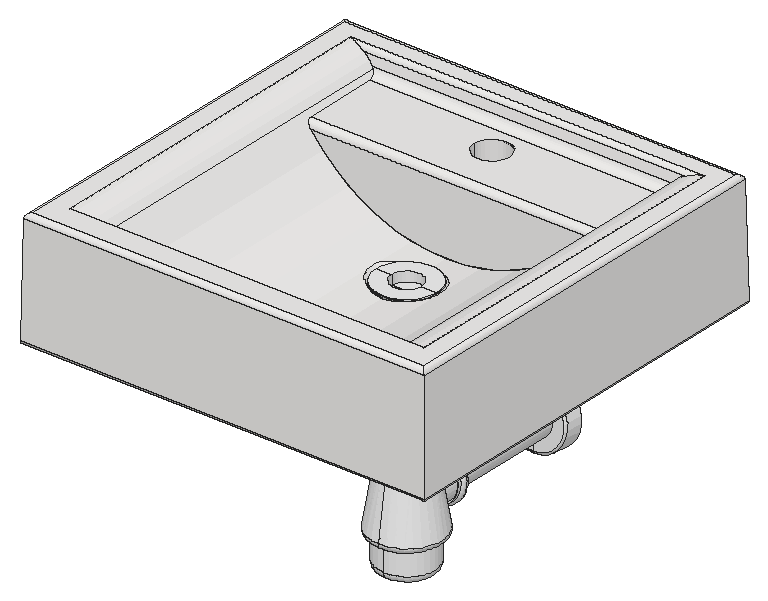
Revit family "-Incepa_Ocean_Cuba de Apoio com mesa para metal Pacific_63068", category Plumbing Fixtures, Revit 2014
Parameters (values of type "01 - Branco")
  WFU = 2
  Type Comments = ""
  Raio Ponto de Esgoto = 20 mm
  Place on face [instance] = no
  Outros Complementos [instance] = "Sifão para lavatório 1\"x1.1⁄2\" com tubo de 300 mm (B5816C5CRB) + Válvula de escoamento para lavatório, 1\" sem ladrão com tampa plástica (B5828C5CR3), linha Complementos - Metais Celite"
  Louças [instance] = Incepa - Louça_Branca
  Incepa: Versão = "Autodesk Revit MEP 2014"  # constant formula
  Incepa: Vazão de Esgoto [instance] = 0.0 L/s
  Incepa: Tipo = "Cubas"  # constant formula
  Incepa: Produto = "Louças"  # constant formula
  Incepa: Norma = "ABNT NBR 15097-1: 2011 - Requisitos e métodos de ensaio"
  Incepa: Link do Produto = "http://www.banheirosincepa.com.br/pt/produtos/445/"
  Incepa: Linha = "Ocean"  # constant formula
  Incepa: Informações Técnicas [instance] = "N/A"
  Incepa: Informações Gerais [instance] = "N/A"
  Incepa: Fabricante = "Incepa"  # constant formula
  Incepa: Desenho Técnico = "N/A"
  Incepa: Descrição = "Cuba de apoio com mesa para metal Pacific cor branca (63068), 400 x 400 mm, linha Ocean - Louças Incepa"
  Incepa: Código = "63068"
  Incepa: Cores Disponíveis = "Branco"
  Incepa: Copyright © = "© 2015 Incepa"  # constant formula
  Incepa: Complementos [instance] = if(Complemento, Outros Complementos, "N/A")  # "Sifão para lavatório 1\"x1.1⁄2\" com tubo de 300 mm (B5816C5CRB) + Válvula de escoamento para lavatório, 1\" sem ladrão com tampa plástica (B5828C5CR3), linha Complementos - Metais Celite"
  Incepa: Categoria = "Cubas e Lavatórios"  # constant formula
  Incepa: Altura da torneira [instance] = Elevação somente no plano  # 662 mm
  Incepa: Altura da Peça [instance] = Elevação somente no plano  # 662 mm
  Incepa: Altura Ponto de Esgoto [instance] = Altura Ponto de Esgoto  # 500 mm
  Desnível Aux. Ponto de Esgoto [instance] = 100 mm
  HWFU = 0
  Diâmetro Ponto de Esgoto = Raio Ponto de Esgoto * 2  # 40 mm
  Distância Parede/Face [instance] = 0 mm
  Tipo de Sifão [instance] = Celite_Complementos_Sifão de Uso Geral : Sifão para lavatório - B5816C5CRB
  Complemento [instance] = yes
  URL = "http://www.banheirosincepa.com.br/pt"
  Selo de Qualidade ofcdesk = "Standard"  # constant formula
  Model = Incepa: Código  # "63068"
  Metais [instance] = Celite - Cromado
  Manufacturer = Incepa: Fabricante  # "Incepa"
  Elevação somente no plano [instance] = 662 mm
  Description = Incepa: Descrição  # "Cuba de apoio com mesa para metal Pacific cor branca (63068), 400 x 400 mm, linha Ocean - Louças Incepa"
  Default Elevation = 0 mm
  Desenvolvido por = "ofcdesk"  # constant formula
  Com Válvula (quantificável) [instance] = yes
  Com Sifão (quantificável) [instance] = yes
  CWFU = 0
  Assembly Code = "D2010400"
  Desnível Ponto de Esgoto [instance] = if(not(Place on face), Elevação somente no plano - Altura Ponto de Esgoto, Desnível Aux. Ponto de Esgoto)  # 162 mm
  Altura Ponto de Esgoto [instance] = 500 mm
Reference planes
  plane 1 "Center (Front/Back)": y = 0
  plane 2: z = 0
  plane 3 "Center (Left/Right)": x = 0
  plane 4: z = 662
  plane 5: z = 500
  plane 6: y = -66.928
  plane 7: y = 0
  plane 8: z = 624.793
  plane 9: y = -172.231
  plane 10: z = 616.5
  plane 11: z = 687
Dimensions and locks
  "Elevação somente no plano": plane 4 to plane 2
  "Desnível Ponto de Esgoto": plane 4 to plane 5
  plane 11 to plane 4 to plane 8 = 25 mm locked, 37.207 mm locked
  plane 7 to plane 6 to plane 9 = 66.928 mm locked, 105.303 mm locked
  "Distância Parede/Face": plane 1 "Center (Front/Back)" to plane 7
  locked: plane 8 to plane 10 at 8.293
  aligned and locked: level to plane 2
  aligned and locked: plane 1 "Center (Front/Back)" to nested 3
  aligned and locked: plane 5 to nested 3
  aligned and locked: plane 8 to nested 3
  aligned and locked: plane 9 to nested 3
  aligned and locked: nested 2 to plane 9
  aligned and locked: plane 3 "Center (Left/Right)" to nested 2
  aligned and locked: nested 1 to plane 7
Nested families
  nested 1: "63068" at (0, 0, 662), Louças <- "Louças", type "63068"
  nested 2: "Celite_Complementos_Válvula de Escoamento" at (0, -172.231, 687), Metais <- "Metais", visible <- "Com Válvula (quantificável)", type "Válvula de escoamento para lavatório - B5828C5CR3"
    with Raio2 30 mm, Raio1 16 mm, Raio furo 15 mm, Metais Celite - Cromado, L/Rosca 54.856 mm, Comprimento 70.5 mm, Celite: Norma "ABNT NBR 15423:2006 - Requisitos e métodos de ensaio"
  nested 3: "Celite_Complementos_Sifão de Uso Geral" at (0, 0, 500), visible <- "Com Sifão (quantificável)", Metais <- "Metais", Celite: Vazão de Projeto <- "Incepa: Vazão de Esgoto", type "Sifão para lavatório - B5816C5CRB"
    with Raio1 16 mm, Metais Celite - Cromado, Elevação 0 mm, Celite: Vazão de Projeto 0.0 L/s, Celite: Informações Técnicas "N/A", Celite: Informações Gerais "N/A", Celite: Altura da Peça 0 mm, Ajuste Vetical no Lavatório 124.793 mm, Afastamento da Parede 172.231 mm
Connectors
  piping at (0, -14.131, 500), diameter 40, driven by "Raio Ponto de Esgoto", driven by "Incepa: Vazão de Esgoto", driven by "WFU"
    settings: on nested 3, index 1, connector inside diameter 609.6 mm, connector length 0 mm, flow factor 0, pipe flow 0.0 L/s, pressure drop 0.0 kPa, fitting loss kfactor 0, connector angle 0.00°, fixture units 2, engagement length 0 mm, angle of deflection 0.00°, flow configuration 3, flow direction 2, fitting loss method 0, system type 16, joint type 0, gender type 0, connector reference index -1, connector utility 0, adjustable connector no, is connector primary yes, connector description ""
Definition of nested family "63068"
  Parameters (values of type "63068")
    WFU = 0
    Type Comments = ""
    Profundidade = 400 mm
    Largura = 400 mm
    HWFU = 0
    URL = "http://www.incepa.com.br"
    Selo de Qualidade ofcdesk = "Standard"  # constant formula
    Model = ""
    Manufacturer = "Incepa"
    Louças [instance] = Incepa - Louça_Branca
    Description = ""
    Default Elevation = 0 mm
    Desenvolvido por = "ofcdesk"  # constant formula
    CWFU = 0
    Assembly Code = ""
  Reference planes
    plane 1 "Back": y = 0
    plane 2: z = 0
    plane 3 "Center (Left/Right)": x = 0
    plane 4 "Top": z = 115
    plane 5: y = -400
    plane 6: x = -200
    plane 7: x = 200
    plane 8: y = -172.231
    plane 9: y = -66.928
  Forms (mm)
    Sweep 1, solid, material "Incepa - Louça_Branca" <- "Louças"
      path origin (0, 0, 0) x (1, 0, 0) y (0, 1, 0)
        loop
          line (-200, 0) -> (-200, -400) -> (200, -400) -> (200, 0) -> (-200, 0)
      profile origin (-200, -200, 0) x (1, 0, 0) y (0, 0, 1)
        loop
          line (1.966, 0) -> (30, 0) -> (30, 115) -> (6.885, 115)
          arc (6.885, 115) -> (3.38, 113.565) -> (1.886, 110.084) r 5
          line (1.886, 110.084) -> (0.067, 1.965)
          arc (0.067, 1.965) -> (0.6, 0.58) -> (1.966, 0) r 1.9
    Extrusion 2, solid, material "Incepa - Louça_Branca" <- "Louças"
      sketch origin (0, 0, 0) x (1, 0, 0) y (0, 1, 0)
        loop
          line (-170, -370) -> (170, -370) -> (170, -30) -> (-170, -30) -> (-170, -370)
      from 0 to 115
    Extrusion 3, void
      sketch origin (0, 0, 0) x (1, 0, 0) y (0, 0, 1)
        loop
          line (-200, 115) -> (-175.333, 115)
          arc (-175.333, 115) -> (-159.188, 111.054) -> (-146.683, 100.105) r 35
          arc (-146.683, 100.105) -> (0, 23.844) -> (146.683, 100.105) r 179.199
          arc (146.683, 100.105) -> (159.188, 111.054) -> (175.333, 115) r 35
          line (175.333, 115) -> (200, 115) -> (200, 155) -> (-200, 155) -> (-200, 115)
      from 22.469 to 369.845
    Revolve 4, void
      sketch origin (0, -36.198, 0) x (0, 1, 0) y (0, 0, 1)
        loop
          line (-157.211, 14.057) -> (-157.211, -3.756) -> (-136.034, -3.756) -> (-136.034, 38.203) -> (-181.358, 38.203) -> (-157.211, 14.057)
        axis (-136.034, -3.756) -> (-136.034, 38.203)
      angle from 0 to 360
    Extrusion 5, solid, material "Incepa - Louça_Branca" <- "Louças"
      sketch origin (0, 0, 0) x (0, 1, 0) y (0, 0, 1)
        loop
          arc (-112.689, 95) -> (-117.125, 93.251) -> (-119.173, 88.944) r 6.5
          line (-119.173, 88.944) -> (-124.509, 11) -> (-15, 11) -> (-15, 115) -> (-22.676, 115)
          arc (-22.676, 115) -> (-26.084, 113.843) -> (-28.084, 110.851) r 5.598
          line (-28.084, 110.851) -> (-30.429, 102.096)
          arc (-30.429, 102.096) -> (-33.849, 96.979) -> (-39.678, 95) r 9.574
          line (-39.678, 95) -> (-112.689, 95)
      from -185 to 185
    Extrusion 6, void
      sketch origin (0, 0, 0) x (1, 0, 0) y (0, 1, 0)
        loop
          circle (0, -66.928) r 17.5
      from 61.422 to 142.625
  Cuts and joins
    Extrusion 3, Revolve 4, Extrusion 6 cuts Sweep 1
    Extrusion 3, Revolve 4, Extrusion 6 cuts Extrusion 2
    Extrusion 6 cuts Extrusion 5
    joined: Sweep 1, Extrusion 2, Extrusion 5
  Dimensions and locks
    plane 4 "Top" to plane 2 = 115 mm  (x2)
    "Largura": plane 6 to plane 7
    "Profundidade": plane 5 to plane 1 "Back"
    equal spacing: plane 6, plane 3 "Center (Left/Right)", plane 7
    plane 1 "Back" to Revolve 4 sketch curve to Revolve 4 sketch curve to Revolve 4 sketch curve = 172.231 mm, 21.178 mm locked, 24.146 mm locked
    aligned and locked: plane 2 to level
    aligned and locked: Sweep 1 sketch curve to plane 6
    aligned and locked: Sweep 1 sketch curve to plane 7
    aligned and locked: Sweep 1 sketch curve to plane 1 "Back"
    aligned and locked: Sweep 1 sketch curve to plane 5
    aligned and locked: Extrusion 2 sketch curve to Sweep 1  (x4)
    aligned and locked: plane 4 "Top" to Extrusion 2
    aligned and locked: plane 4 "Top" to Sweep 1 sketch curve
    aligned and locked: plane 3 "Center (Left/Right)" to Extrusion 6 sketch curve
  Automatic sketch dimensions
    level to Revolve 4 sketch curve = 38.203 mm
    level to Revolve 4 sketch curve = 14.057 mm
    Revolve 4 sketch curve to level = 3.756 mm
    Revolve 4 sketch curve to Revolve 4 sketch curve = 0 mm  (x2)
    Revolve 4 sketch curve to Revolve 4 sketch curve = 18.011 mm
    Sweep 1 sketch curve to level = 0 mm
    Sweep 1 sketch curve to profile plane = 0.067 mm
    Sweep 1 sketch curve to profile plane = 1.886 mm
    Sweep 1 sketch curve to Sweep 1 sketch curve = 1.899 mm
    Sweep 1 sketch curve to Sweep 1 sketch curve = 4.999 mm
    Sweep 1 sketch curve to Sweep 1 sketch curve = 23.115 mm
    level to Sweep 1 sketch curve = 1.9 mm
    Sweep 1 sketch curve to Sweep 1 sketch curve = 5 mm
    Extrusion 3 sketch curve to plane 4 "Top" = 0 mm  (x2)
    Extrusion 3 sketch curve to plane 6 = 0 mm
    Extrusion 3 sketch curve to plane 3 "Center (Left/Right)" = 0 mm
    plane 6 to Extrusion 3 sketch curve = 24.667 mm
    Extrusion 3 sketch curve to plane 7 = 24.667 mm
    Extrusion 3 sketch curve to Extrusion 3 sketch curve = 35 mm  (x2)
    Extrusion 3 sketch curve to Extrusion 3 sketch curve = 40 mm
    plane 4 "Top" to Extrusion 3 sketch curve = 88.043 mm
    Extrusion 3 sketch curve to Extrusion 3 sketch curve = 0 mm
    plane 7 to Extrusion 3 sketch curve = 0 mm
    Extrusion 5 sketch curve to plane 4 "Top" = 0 mm
    level to Extrusion 5 sketch curve = 11 mm
    plane 1 "Back" to Extrusion 5 sketch curve = 124.509 mm
    Extrusion 5 sketch curve to plane 4 "Top" = 26.056 mm
    Extrusion 5 sketch curve to Extrusion 5 sketch curve = 5.335 mm
    Extrusion 5 sketch curve to Extrusion 5 sketch curve = 6.485 mm
    plane 1 "Back" to Extrusion 5 sketch curve = 39.678 mm
    Extrusion 5 sketch curve to plane 4 "Top" = 12.904 mm
    Extrusion 5 sketch curve to Extrusion 5 sketch curve = 9.248 mm
    Extrusion 5 sketch curve to plane 4 "Top" = 4.149 mm
    Extrusion 5 sketch curve to Extrusion 5 sketch curve = 2.346 mm
    Extrusion 5 sketch curve to plane 4 "Top" = 5.598 mm
    Extrusion 5 sketch curve to Extrusion 5 sketch curve = 7.676 mm
    Extrusion 5 sketch curve to Extrusion 5 sketch curve = 0.444 mm
    plane 1 "Back" to Extrusion 6 sketch curve = 66.928 mm
    radius of Extrusion 6 sketch curve = 17.5 mm
Definition of nested family "Celite_Complementos_Válvula de Escoamento"
  Parameters (values of type "Válvula de escoamento para lavatório - B5828C5CR3")
    Waste Connection = 1 = 0  # no
    WFU = 0  # constant formula
    Vent Connection = 1 = 0  # no
    URL = "http://www.celite.com.br"
    Selo de Qualidade ofcdesk = "Standard"  # constant formula
    Raio1 [instance] = 16 mm
    Raio2 [instance] = 30 mm
    Raio furo [instance] = 15 mm
    Model = Celite: Código  # "B5828C5CR3"
    Metais [instance] = Celite - Cromado
    Manufacturer = Celite: Fabricante  # "Celite"
    L/Rosca [instance] = 59.5 mm
    HWFU = 0  # constant formula
    HW Connection = 1 = 0  # no
    Desenvolvido por = "ofcdesk"  # constant formula
    Description = Celite: Descrição  # "Válvula de escoamento para lavatório, 1\" sem ladrão com tampa plástica (B5828C5CR3), Complementos - Metais Celite"
    Default Elevation = 0 mm
    Comprimento [instance] = 70.5 mm
    Celite: Versão = "Autodesk Revit MEP 2014"  # constant formula
    Celite: Tipo = "Válvulas de escoamento"  # constant formula
    Celite: Produto = "Metais"  # constant formula
    Celite: Norma [instance] = "ABNT NBR 15423:2006 - Requisitos e métodos de ensaio"
    Celite: Link do Produto = "http://www.celite.com.br/pt/produtos/categoria/2/tipo/10/subtipo/19/"
    Celite: Linha = "Válvulas"  # constant formula
    Celite: Informações Técnicas = "N/A"
    Celite: Informações Gerais = "N/A"
    Celite: Fabricante = "Celite"  # constant formula
    Celite: Desenho Técnico = "http://www.celite.com.br/media/uploads/desenhos_tecnicos/A5828C5CR3_Valvula_de_escoamento_Lavatorio.pdf"
    Celite: Descrição = "Válvula de escoamento para lavatório, 1\" sem ladrão com tampa plástica (B5828C5CR3), Complementos - Metais Celite"
    Celite: Código = "B5828C5CR3"
    Celite: Cores Disponíveis = "Cromado"
    Celite: Copyright © = "© 2014 Celite"  # constant formula
    Celite: Categoria = "Complementos"  # constant formula
    CW Connection = 1 = 0  # no
    Assembly Code = "D2010"
  Types (5, lengths in mm): name | Raio1 | Raio2 | Raio furo | Model | L/Rosca | Description | Comprimento | Celite: Desenho Técnico | Celite: Descrição | Celite: Código
    (no name) | 16 | 30 | 15 | "B5828C5CR3" | 59.5 | "Válvula de escoamento para lavatório, 1\" sem ladrão com tampa plástica (B5828C5CR3), Complementos - Metais Celite" | 70.5 | "http://www.celite.com.br/media/uploads/desenhos_tecnicos/A5828C5CR3_Valvula_de_escoamento_Lavatorio.pdf" | "Válvula de escoamento para lavatório, 1\" sem ladrão com tampa plástica (B5828C5CR3), Complementos - Metais Celite" | "B5828C5CR3"
    Válvula de escoamento para lavatório - B5828C5CR3 | 16 | 30 | 15 | "B5828C5CR3" | 59.5 | "Válvula de escoamento para lavatório, 1\" sem ladrão com tampa plástica (B5828C5CR3), Complementos - Metais Celite" | 70.5 | "http://www.celite.com.br/media/uploads/desenhos_tecnicos/A5828C5CR3_Valvula_de_escoamento_Lavatorio.pdf" | "Válvula de escoamento para lavatório, 1\" sem ladrão com tampa plástica (B5828C5CR3), Complementos - Metais Celite" | "B5828C5CR3"
    Válvula de escoamento para tanque - B5829C5CR3 | 20 | 32.8 | 18 | "B5829C5CR3" | 57 | "Válvula de escoamento para tanque (B5829C5CR3), Complementos - Metais Celite" | 65.5 | "http://www.celite.com.br/media/uploads/desenhos_tecnicos/A5829C5CR3_Valvula_de_escoamento_Tanque.pdf" | "Válvula de escoamento para tanque (B5829C5CR3), Complementos - Metais Celite" | "B5829C5CR3"
    Válvula de escoamento para cozinha - B5830C5CRB | 25 | 44 | 25 | "B5830C5CRB" | 35 | "Válvula de escoamento para cozinha, 3.1/2\" x 1.1/2\" com cesta metal (B5830C5CRB), Complementos - Metais Celite" | 45 | "http://www.celite.com.br/media/uploads/desenhos_tecnicos/A5830C5CRB_Valvula_de_escoamento_Cozinha_3-1.2.pdf" | "Válvula de escoamento para cozinha, 3.1/2\" x 1.1/2\" com cesta metal (B5830C5CRB), Complementos - Metais Celite" | "B5830C5CRB"
    Válvula de escoamento para cozinha - B5831C5CRB | 25 | 56.5 | 30 | "B5831C5CRB" | 35 | "Válvula de escoamento para cozinha, 4.1/2\" x 1.1/2\" com cesta metal (B5831C5CRB), Complementos - Metais Celite" | 49 | "http://www.celite.com.br/media/uploads/desenhos_tecnicos/A5831C5CRB_Valvula_de_escoamento_Cozinha_4-1.2.pdf" | "Válvula de escoamento para cozinha, 4.1/2\" x 1.1/2\" com cesta metal (B5831C5CRB), Complementos - Metais Celite" | "B5831C5CRB"
  Reference planes
    plane 1 "Center (Front/Back)": y = 0
    plane 2: z = 0
    plane 3 "Center (Left/Right)": x = 0
    plane 4: z = -70.5
    plane 5: z = -11
  Forms (mm)
    Extrusion 1, solid
      sketch origin (0, 0, 0) x (1, 0, 0) y (0, 1, 0)
        loop
          line (-400, 400) -> (-400, -400.224) -> (399.59, -400.224) -> (399.59, 400) -> (-400, 400)
      from 0 to -304.8
    Revolve 2, solid, material "Celite - Cromado" <- "Metais"
      sketch origin (0, 0, 0) x (1, 0, 0) y (0, 0, 1)
        loop
          line (0, -8.185) -> (-15, -8.185) -> (-15, 1) -> (-30, 1) -> (-30, 0) -> (-16, -11) -> (-16, -70.5) -> (0, -70.5) -> (0, -8.185)
        axis (0, 1) -> (0, -70.5)
      angle from 0 to 360
  Dimensions and locks
    "Comprimento": level to plane 4
    "L/Rosca": plane 5 to plane 4
    "Raio1": plane 3 "Center (Left/Right)" to Revolve 2 sketch curve
    "Raio2": plane 3 "Center (Left/Right)" to Revolve 2 sketch curve
    locked: plane 2 to Revolve 2 sketch curve at 8.185
    "Raio furo": plane 3 "Center (Left/Right)" to Revolve 2 sketch curve
    aligned and locked: plane 2 to Extrusion 1
    aligned and locked: level to Extrusion 1
    aligned and locked: Revolve 2 sketch curve to plane 3 "Center (Left/Right)"  (x2)
    aligned and locked: plane 5 to Revolve 2 sketch curve
    aligned and locked: plane 4 to Revolve 2 sketch curve
    aligned and locked: level to Revolve 2 sketch curve
  Automatic sketch dimensions
    Extrusion 1 sketch curve to Extrusion 1 sketch curve = 799.59 mm
    Extrusion 1 sketch curve to Extrusion 1 sketch curve = 800.224 mm
    Revolve 2 sketch curve to Revolve 2 sketch curve = 1 mm
    level to Revolve 2 sketch curve = 25 mm
    Revolve 2 sketch curve to Revolve 2 sketch curve = 60 mm
Definition of nested family "Celite_Complementos_Sifão de Uso Geral"
  Parameters (values of type "Sifão para cozinha - B5817C5CRB")
    WFU = 2
    URL = "http://www.celite.com.br"
    Selo de Qualidade ofcdesk = "Standard"  # constant formula
    Raio1 [instance] = 16 mm
    Raio Ponto de Esgoto = 20 mm
    Model = Celite: Código  # "B5817C5CRB"
    Metais [instance] = Celite - Cromado
    Manufacturer = Celite: Fabricante  # "Celite"
    Elevação [instance] = 680 mm
    Diâmetro Ponto de Esgoto = Raio Ponto de Esgoto * 2  # 40 mm
    Desenvolvido por = "ofcdesk"  # constant formula
    Description = Celite: Descrição  # "Sifão para cozinha 1.1⁄2”x 1.1⁄2” com tubo de 300 mm (B5817C5CRB), linha Complementos - Metais Celite"
    Default Elevation = 0 mm
    Celite: Versão = "Autodesk Revit MEP 2014"  # constant formula
    Celite: Vazão de Projeto [instance] = 0.0 L/s
    Celite: Tipo = "Sifões"  # constant formula
    Celite: Produto = "Metais"  # constant formula
    Celite: Norma = "ABNT NBR 14162:2011 - Requisitos e métodos de ensaio"
    Celite: Link do Produto = "http://www.celite.com.br/pt/produtos/categoria/2/tipo/10/subtipo/9/"
    Celite: Linha = "Complementos"  # constant formula
    Celite: Informações Técnicas [instance] = "N/A"
    Celite: Informações Gerais [instance] = "N/A"
    Celite: Fabricante = "Celite"  # constant formula
    Celite: Desenho Técnico = "http://www.celite.com.br/media/uploads/desenhos_tecnicos/A5817C5CRB.gif"
    Celite: Descrição = "Sifão para cozinha 1.1⁄2”x 1.1⁄2” com tubo de 300 mm (B5817C5CRB), linha Complementos - Metais Celite"
    Celite: Código = "B5817C5CRB"
    Celite: Cores Disponíveis = "Cromado"
    Celite: Copyright © = "© 2014 Celite"  # constant formula
    Celite: Categoria = "Cozinhas e Lavatórios"  # constant formula
    Celite: Altura da Peça [instance] = Elevação  # 680 mm
    Assembly Code = "D2010"
    Ajuste Vetical no Lavatório [instance] = 100 mm
    Afastamento da Parede [instance] = 300 mm
  Types (6, lengths in mm): name | Raio Ponto de Esgoto | Model | Diâmetro Ponto de Esgoto | Description | Celite: Desenho Técnico | Celite: Descrição | Celite: Código
    (no name) | 20 | "B5817C5CRB" | 40 | "Sifão para cozinha 1.1⁄2”x 1.1⁄2” com tubo de 300 mm (B5817C5CRB), linha Complementos - Metais Celite" | "http://www.celite.com.br/media/uploads/desenhos_tecnicos/A5817C5CRB.gif" | "Sifão para cozinha 1.1⁄2”x 1.1⁄2” com tubo de 300 mm (B5817C5CRB), linha Complementos - Metais Celite" | "B5817C5CRB"
    Sifão para lavatório - B5816C5CRB | 20 | "B5816C5CRB" | 40 | "Sifão para lavatório 1\"x1.1⁄2\" com tubo de 300 mm (B5816C5CRB), linha Complementos - Metais Celite" | "http://www.celite.com.br/media/uploads/desenhos_tecnicos/A5816C5CRB.gif" | "Sifão para lavatório 1\"x1.1⁄2\" com tubo de 300 mm (B5816C5CRB), linha Complementos - Metais Celite" | "B5816C5CRB"
    Sifão para tanque com adaptador para 2" - B5005C5CRB | 30 | "B5005C5CRB" | 60 | "Sifão para tanque 1.1⁄4”x 1.1⁄2” com adaptador para 2” e tubo de 200 mm (B5005C5CRB), linha Complementos - Metais Celite" | "http://www.celite.com.br/media/uploads/desenhos_tecnicos/A5005C5CRB.gif" | "Sifão para tanque 1.1⁄4”x 1.1⁄2” com adaptador para 2” e tubo de 200 mm (B5005C5CRB), linha Complementos - Metais Celite" | "B5005C5CRB"
    Sifão para tanque - B5005C5CRB | 20 | "B5005C5CRB" | 40 | "Sifão para tanque 1.1⁄4”x 1.1⁄2” e tubo de 200 mm (B5005C5CRB), linha Complementos - Metais Celite" | "http://www.celite.com.br/media/uploads/desenhos_tecnicos/A5005C5CRB.gif" | "Sifão para tanque 1.1⁄4”x 1.1⁄2” e tubo de 200 mm (B5005C5CRB), linha Complementos - Metais Celite" | "B5005C5CRB"
    Sifão para cozinha com adaptador para 2" - B5817C5CRB | 30 | "B5817C5CRB" | 60 | "Sifão para cozinha 1.1⁄2”x 1.1⁄2” com adaptador para 2” e tubo de 300 mm (B5817C5CRB), linha Complementos - Metais Celite" | "http://www.celite.com.br/media/uploads/desenhos_tecnicos/A5817C5CRB.gif" | "Sifão para cozinha 1.1⁄2”x 1.1⁄2” com adaptador para 2” e tubo de 300 mm (B5817C5CRB), linha Complementos - Metais Celite" | "B5817C5CRB"
    Sifão para cozinha - B5817C5CRB | 20 | "B5817C5CRB" | 40 | "Sifão para cozinha 1.1⁄2”x 1.1⁄2” com tubo de 300 mm (B5817C5CRB), linha Complementos - Metais Celite" | "http://www.celite.com.br/media/uploads/desenhos_tecnicos/A5817C5CRB.gif" | "Sifão para cozinha 1.1⁄2”x 1.1⁄2” com tubo de 300 mm (B5817C5CRB), linha Complementos - Metais Celite" | "B5817C5CRB"
  Reference planes
    plane 1 "Center (Front/Back)": y = 0
    plane 2: z = 0
    plane 3 "Center (Left/Right)": x = 0
    plane 4: y = -300
    plane 5: z = 780
    plane 6: z = 680
  Forms (mm)
    Sweep 1, solid, material "Celite - Cromado" <- "Metais"
      path origin (0, 1442.421, 680) x (0, 1, 0) y (-1, 0, 0)
        loop
          line (-1442.421, 0) -> (-1697.421, 0)
      profile origin (0, -127.5, 680) x (1, 0, 0) y (0, 0, 1)
        loop
          circle (0, 0) r 19.05
        loop
          circle (0, 0) r 16
    Revolve 2, solid, material "Celite - Cromado" <- "Metais"
      sketch origin (0, 0, 0) x (0, 1, 0) y (0, 0, 1)
        loop
          line (-255, 680) -> (-255, 701.589)
          arc (-255, 701.589) -> (-256.067, 704.702) -> (-258.821, 706.505) r 5.073
          arc (-258.821, 706.505) -> (-261.574, 706.108) -> (-263.24, 703.88) r 3.635
          line (-263.24, 703.88) -> (-265.857, 703.88) -> (-265.857, 680) -> (-255, 680)
        axis (-265.857, 680) -> (-255, 680)
      angle from 0 to 360
    SweptBlend 3, solid, material "Celite - Cromado" <- "Metais"
      path origin (0, 0, 0) x (0, 1, 0) y (0, 0, 1)
        loop
          line (-265.857, 680) -> (-300, 680)
      profile origin (0, -265.857, 680) x (0, 0, -1) y (1, 0, 0)
        loop
          circle (0, 0) r 22.486
      end profile origin (0, -300, 680) x (0, 0, -1) y (1, 0, 0)
        loop
          circle (0, 0) r 21.589
    Revolve 4, solid, material "Celite - Cromado" <- "Metais"
      sketch origin (0, 0, 0) x (0, 1, 0) y (0, 0, 1)
        loop
          line (-300, 704.157) -> (-274.606, 704.157) -> (-274.606, 707.127)
          arc (-274.606, 707.127) -> (-274.901, 707.84) -> (-275.614, 708.135) r 1.008
          line (-275.614, 708.135) -> (-282.5, 708.135) -> (-283.521, 709.156) -> (-300, 709.156) -> (-300, 704.157)
        axis (-300, 709.156) -> (-300, 704.157)
      angle from 0 to 360
    Sweep 5, solid, material "Celite - Cromado" <- "Metais"
      path origin (0, 0, 0) x (0, 1, 0) y (0, 0, 1)
        loop
          line (-300, 709.156) -> (-300, 715.122)
      profile origin (0, -300, 712.139) x (0, -1, 0) y (1, 0, 0)
        loop
          circle (0, 0) r 16.479
    Sweep 6, solid, material "Celite - Cromado" <- "Metais"
      path origin (0, 0, 0) x (0, 1, 0) y (0, 0, 1)
        loop
          line (-300, 715.122) -> (-300, 769.613)
      profile origin (0, -300, 742.368) x (0, -1, 0) y (1, 0, 0)
        loop
          circle (0, 0) r 13
    Revolve 7, solid, material "Celite - Cromado" <- "Metais"
      sketch origin (0, 0, 0) x (0, 1, 0) y (0, 0, 1)
        loop
          line (0, 699.07) -> (0, 714.571)
          arc (0, 714.571) -> (-7.459, 714.035) -> (-14.888, 713.172) r 170.27
          arc (-14.888, 713.172) -> (-16.254, 712.452) -> (-16.959, 711.077) r 2.565
          line (-16.959, 711.077) -> (-16.959, 699.07) -> (0, 699.07)
        axis (-16.959, 680) -> (0, 680)
      angle from 0 to 360
    Sweep 8, void
      path origin (0, 1442.421, 680) x (0, 1, 0) y (-1, 0, 0)
        loop
          line (-1440.976, 0) -> (-1456.552, 0)
      profile origin (0, -6.343, 680) x (1, 0, 0) y (0, 0, 1)
        loop
          circle (0, 0) r 30
    Revolve 9, solid, material "Celite - Cromado" <- "Metais"
      sketch origin (0, 0, 0) x (0, 1, 0) y (0, 0, 1)
        loop
          line (-300, 771.707) -> (-300, 769.613) -> (-281.111, 769.613) -> (-281.111, 780) -> (-284, 780) -> (-284, 771.707) -> (-300, 771.707)
        axis (-300, 780) -> (-300, 769.613)
      angle from 0 to 360
    Revolve 10, solid, material "Celite - Cromado" <- "Metais"
      sketch origin (0, 0, 0) x (0, 1, 0) y (0, 0, 1)
        loop
          line (-300, 704.157) -> (-325.394, 704.157) -> (-334.85, 649.952)
          arc (-334.85, 649.952) -> (-333.712, 646.324) -> (-330.244, 644.765) r 4.638
          line (-330.244, 644.765) -> (-328.223, 644.765) -> (-328.223, 621.563)
          arc (-328.223, 621.563) -> (-326.054, 616.326) -> (-320.818, 614.157) r 7.405
          line (-320.818, 614.157) -> (-300, 614.157) -> (-300, 704.157)
        axis (-300, 704.157) -> (-300, 614.157)
      angle from 0 to 360
  Cuts and joins
    Sweep 8 cuts Sweep 1
    joined: Sweep 1, Revolve 2, SweptBlend 3, Revolve 4, Sweep 5, Sweep 6, Revolve 9, Revolve 10
    Sweep 8 cuts Revolve 7
  Dimensions and locks
    "Ajuste Vetical no Lavatório": plane 5 to plane 6
    "Elevação": plane 6 to level
    locked: Sweep 1 sketch curve to plane 4 at 45
    Sweep 8 sketch curve to Sweep 8 sketch curve = 15.576 mm
    Revolve 7 sketch curve to Revolve 7 sketch curve to Revolve 7 sketch curve = 14.888 mm locked, 2.071 mm locked
    locked: Revolve 9 sketch curve to Revolve 9 sketch curve at 2.889
    "Raio1": Revolve 9 sketch curve to plane 4
    plane 5 to Revolve 9 sketch curve to Revolve 9 sketch curve = 8.293 mm locked, 2.093 mm locked
    Revolve 7 sketch curve to Revolve 7 sketch curve to Revolve 7 sketch curve to Revolve 7 sketch curve to plane 6 = 1.399 mm locked, 2.095 mm locked, 12.007 mm locked, 19.07 mm locked
    "Afastamento da Parede": plane 1 "Center (Front/Back)" to plane 4
    radius of Sweep 1 sketch curve = 16 mm
    radius of Revolve 7 sketch curve = 2.565 mm
    aligned and locked: level to plane 2
    aligned and locked: plane 6 to Revolve 2 sketch curve
    aligned and locked: Revolve 2 sketch curve to plane 6
    aligned and locked: SweptBlend 3 sketch curve to plane 6
    aligned and locked: Revolve 4 sketch curve to plane 4
    aligned and locked: Sweep 5 sketch curve to plane 4
    aligned and locked: Revolve 4 to Sweep 5 sketch curve
    aligned and locked: Sweep 5 sketch curve to Revolve 4  (x2)
    aligned and locked: Sweep 5 to Sweep 6 sketch curve
    aligned and locked: Sweep 6 sketch curve to plane 4
    aligned and locked: Revolve 9 sketch curve to plane 4
    aligned and locked: plane 4 to Revolve 9 sketch curve
    aligned and locked: plane 4 to Revolve 10 sketch curve
    aligned and locked: Revolve 10 sketch curve to plane 4
    aligned and locked: plane 4 to SweptBlend 3 sketch curve
    aligned and locked: cut or joined group of Sweep 1, Revolve 2, SweptBlend 3, Revolve 4, Sweep 5, Sweep 6, Sweep 8, Revolve 9, Revolve 10 to SweptBlend 3 sketch curve
    aligned and locked: plane 6 to Sweep 8 sketch curve
    aligned and locked: plane 3 "Center (Left/Right)" to Sweep 8 sketch curve
  Automatic sketch dimensions
    Sweep 1 sketch curve to plane 3 "Center (Left/Right)" = 0 mm
    Revolve 4 sketch curve to plane 4 = 0 mm
    plane 4 to Revolve 4 sketch curve = 16.479 mm
    Revolve 4 sketch curve to Revolve 4 sketch curve = 1.021 mm  (x2)
    Revolve 4 sketch curve to Revolve 4 sketch curve = 6.886 mm
    Revolve 4 sketch curve to Revolve 4 sketch curve = 1.008 mm
    plane 6 to Revolve 4 sketch curve = 22.296 mm
    Revolve 4 sketch curve to Revolve 4 sketch curve = 1.862 mm
    Revolve 4 sketch curve to Revolve 4 sketch curve = 0 mm
    Revolve 4 sketch curve to Revolve 4 sketch curve = 2.97 mm
    Sweep 6 sketch curve to plane 3 "Center (Left/Right)" = 0 mm
    Sweep 6 sketch curve to profile plane = 0 mm
    SweptBlend 3 sketch curve to plane 3 "Center (Left/Right)" = 0 mm  (x2)
    SweptBlend 3 sketch curve to profile plane = 0 mm  (x2)
    Sweep 1 sketch curve to Sweep 1 sketch curve = 0 mm  (x2)
    Sweep 1 sketch curve to plane 6 = 0 mm
    profile plane to Sweep 1 sketch curve = 0 mm
    Sweep 6 sketch curve to plane 5 = 10.387 mm
    Revolve 7 sketch curve to plane 1 "Center (Front/Back)" = 0 mm  (x2)
    Revolve 7 sketch curve to plane 6 = 0 mm
    Revolve 7 sketch curve to plane 1 "Center (Front/Back)" = 5 mm
    Sweep 5 sketch curve to Sweep 5 sketch curve = 5.967 mm
    Revolve 10 sketch curve to Revolve 10 sketch curve = 20.818 mm
    Revolve 10 sketch curve to Revolve 10 sketch curve = 25.394 mm
    Revolve 10 sketch curve to Revolve 10 sketch curve = 7.405 mm
    Revolve 10 sketch curve to Revolve 10 sketch curve = 2.021 mm
    Revolve 10 sketch curve to Revolve 10 sketch curve = 4.606 mm
    Revolve 10 sketch curve to plane 6 = 95.843 mm
    Revolve 10 sketch curve to Revolve 10 sketch curve = 20 mm
    Revolve 10 sketch curve to Revolve 10 sketch curve = 10 mm
    Revolve 10 sketch curve to Revolve 10 sketch curve = 23.202 mm
    Revolve 10 sketch curve to Revolve 10 sketch curve = 4.638 mm
    plane 6 to Revolve 10 sketch curve = 24.157 mm
    SweptBlend 3 sketch curve to SweptBlend 3 sketch curve = 0 mm  (x2)
    SweptBlend 3 sketch curve to SweptBlend 3 sketch curve = 22.486 mm
    plane 4 to Revolve 2 sketch curve = 34.143 mm
    Revolve 2 sketch curve to Revolve 2 sketch curve = 2.616 mm
    Revolve 2 sketch curve to Revolve 2 sketch curve = 3.167 mm
    Revolve 2 sketch curve to Revolve 2 sketch curve = 0.355 mm
    Revolve 2 sketch curve to Revolve 2 sketch curve = 0.897 mm
    Revolve 2 sketch curve to Revolve 2 sketch curve = 0 mm  (x2)
    Revolve 2 sketch curve to Revolve 2 sketch curve = 4.718 mm
    Revolve 2 sketch curve to Revolve 2 sketch curve = 5 mm
    plane 6 to Revolve 2 sketch curve = 21.589 mm
    Sweep 8 sketch curve to plane 3 "Center (Left/Right)" = 0 mm
    Revolve 7 sketch curve to plane 1 "Center (Front/Back)" = 8.47 mm
    plane 1 "Center (Front/Back)" to Sweep 1 sketch curve = 0 mm
    Revolve 9 sketch curve to plane 5 = 0 mm
    Revolve 9 sketch curve to plane 5 = 3.821 mm
    plane 5 to Revolve 9 sketch curve = 8.366 mm
    radius of Sweep 6 sketch curve = 13 mm
    radius of SweptBlend 3 sketch curve = 21.589 mm
    radius of Sweep 1 sketch curve = 19.05 mm
    radius of Sweep 8 sketch curve = 30 mm
  Connectors
    piping at (0, 0, 680), diameter 40, driven by "WFU", driven by "Raio Ponto de Esgoto", driven by "Celite: Vazão de Projeto"
      settings: on Sweep 1, index 1, connector inside diameter 40 mm, connector length 0 mm, flow factor 0, pipe flow 0.0 L/s, pressure drop 0.0 kPa, fitting loss kfactor 0, connector angle 0.00°, fixture units 2, engagement length 0 mm, angle of deflection 0.00°, flow configuration 3, flow direction 2, fitting loss method 0, system type 16, joint type 0, gender type 0, connector reference index -1, connector utility 0, adjustable connector no, is connector primary yes, connector description ""
